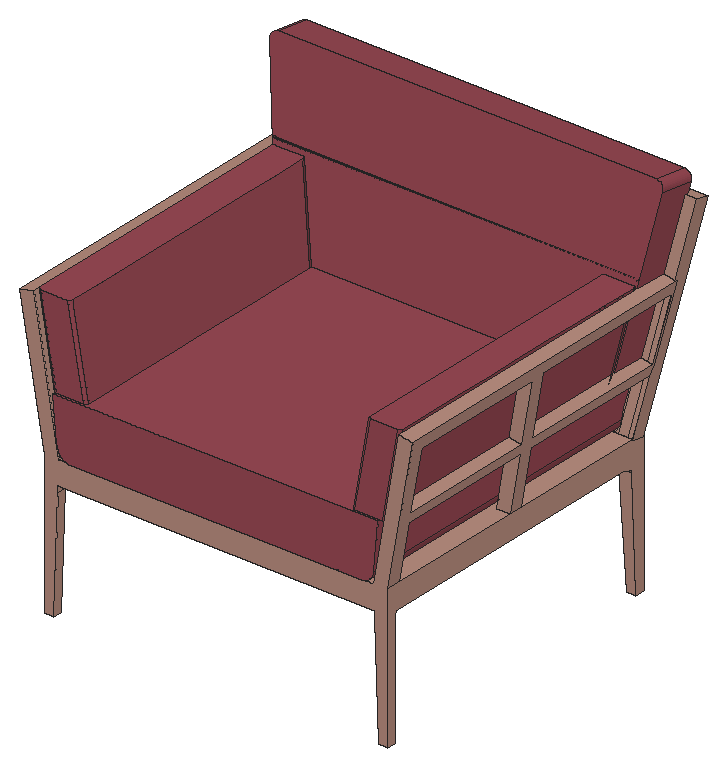
Revit family "Haworth_Janus_Slant_LoungeChair", category Furniture, Revit 2018
Family settings
  OmniClass Number = 23.40.20.00
  OmniClass Title = General Furniture and Specialties
  Work Plane-Based = No
  Always vertical = Yes
  Cut with Voids When Loaded = No
  Shared = No
  Room Calculation Point = No
Parameters (values of type "HCJC-SL-L1")
  With Seat Cushion = yes
  Width = "35 in."  # constant formula
  Warranty = "https://www.haworth.com/resources/product-info/warranties"
  URL - Product = "https://www.haworth.com/products/seating/outdoor/slant"
  URL = "http://www.haworth.com/our-brands/haworth-collection"
  Trim Finish [instance] = Haworth _ Paint _ Slant _ Mousse
  Size = "Verify Final Dim. w/ Haworth"  # constant formula
  Seat Bottom Finish [instance] = Haworth _ Fabric _ Tellure _ Tomato 3A-43
  Revision = "2"  # constant formula
  Model = "HCJC-SL-L1"
  Manufacturer = "Haworth"  # constant formula
  Frame = yes
  Depth = "30 in."  # constant formula
  Height = "30 in."  # constant formula
  Description = "Haworth - Janus - Slant - Lounge Chair"
  Cushion = yes
  Back Finish [instance] = Haworth _ Fabric _ Tellure _ Tomato 3A-43
  Author = "Haworth (Abd Rahman)"  # constant formula
  Assembly Code = "E2020200"
Reference planes (in)
  plane 1 "Center Front/Back": y = 0
  plane 2: z = 0
  plane 3 "Center Left/Right": x = 0
  plane 4: y = -14.03402
  plane 5: y = 12.95748
Nested families (in)
  nested 1: "Haworth_Janus_Slant_ Seat-Cushion_PART" at (-19.48621, 3.94832, -1.375), visible <- "With Seat Cushion", Cushion Finish <- "Seat Bottom Finish", type "HCJC-SL-CSSA-S - Cushion"
    with Cushion Finish Haworth _ Fabric _ Tellure _ Tomato 3A-43
  nested 2: "Haworth_Janus_Slant_Cushion_Back_PART" at (0.58889, -3.99535, -1.92188), Cushion Finish <- "Back Finish", visible <- "Cushion", type "HCJC-SL-CBSA-S - BackSide - Cushion"
    with Cushion Finish Haworth _ Fabric _ Tellure _ Tomato 3A-43
  nested 3: "Haworth_Janus_Slant_LoungeChair_Frame_PART" at (0.34702, 0.96797, 0), Frame Finish <- "Trim Finish", visible <- "Frame", type "HCJC-SL-SA - FRAME"
    with Frame Finish Haworth _ Paint _ Slant _ Mousse
Definition of nested family "Haworth_Janus_Slant_ Seat-Cushion_PART"
  Parameters (values of type "HCJC - SL - CSL1 - S - Cushion")
    Warranty = "https://www.haworth.com/resources/product-info/warranties"
    URL - Product = "https://www.haworth.com/products/tables/outdoor/slant"
    Model = "HCJC-SL-CSL1-S"  # constant formula
    Description = "Haworth_Slant_Seat-Seating_Cushion"
    URL = "http://www.haworth.com/our-brands/haworth-collection"
    Size = "Verify Final Dim. w/ Haworth"  # constant formula
    Revision Number = "1"  # constant formula
    Manufacturer = "Haworth"  # constant formula
    Cushion Width = 27"  # constant formula
    Cushion Finish [instance] = none
    Author = "Haworth (Abd Rahman)"  # constant formula
    Assembly Code = "E2020200"
    Actual Depth = 27"  # constant formula
  Reference planes (in)
    plane 1 "Center F/B": y = -4.48242
    plane 2: z = 0
    plane 3 "Center L/R": x = 19.75
    plane 4 "Top": z = 27.5
    plane 5 "Seat Top": z = 18.25
    plane 6: x = 6.25
    plane 7: x = 33.25
    plane 8: y = 9.01758
    plane 9: y = -17.98242
  Forms (in)
    Extrusion 1, solid, material <- "Cushion Finish"
      sketch origin (30.39258, -13.125, 16.78125) x (0, 0, -1) y (-1, 0, 0)
        loop
          line (-1.45984, 24.34561) -> (-1.45984, -3.06045) -> (2.46057, -2.78631)
          arc (2.46057, -2.78631) -> (3.17241, -2.44678) -> (3.46146, -1.71299) r 1.07594
          line (3.46146, -1.71299) -> (3.46146, 22.77458)
          arc (3.46146, 22.77458) -> (3.1325, 23.61967) -> (2.31878, 24.01996) r 1.25
          line (2.31878, 24.01996) -> (-1.45984, 24.34561)
      from -4.85742 to 22.14258
  Lines and regions (in)
    Masking region 1
      outline origin (0, 0, 0) x (1, 0, 0) y (0, 1, 0)
        loop
          line (6.35009, 9.01758) -> (6.35009, -17.98242) -> (33.25, -17.98242) -> (33.25, 9.01758) -> (6.35009, 9.01758)
  Dimensions and locks (in)
    locked: plane 4 "Top" to level at 27.5
    plane 5 "Seat Top" to level = 18 1/4"
    plane 5 "Seat Top" to plane 2 = 18 1/4"
    "Cushion Width": plane 6 to plane 7
    "Actual Depth": plane 8 to plane 9
    aligned and locked: plane 7 to Masking region 1 sketch curve
    aligned and locked: Masking region 1 sketch curve to plane 8
    aligned and locked: plane 9 to Masking region 1 sketch curve
  Automatic sketch dimensions
    Masking region 1 sketch curve to plane 3 "Center L/R" = 13.39991"
    Extrusion 1 sketch curve to plane 5 "Seat Top" = 0.00891"
    Extrusion 1 sketch curve to plane 5 "Seat Top" = 3.68021"
    Extrusion 1 sketch curve to plane 6 = 0.12261"
    Extrusion 1 sketch curve to Extrusion 1 sketch curve = 0.10733"
    plane 7 to Extrusion 1 sketch curve = 1.14443"
    plane 7 to Extrusion 1 sketch curve = 0.07111"
    Extrusion 1 sketch curve to Extrusion 1 sketch curve = 0.07505"
    Extrusion 1 sketch curve to plane 7 = 0.20303"
    plane 6 to Extrusion 1 sketch curve = 0.20303"
    Extrusion 1 sketch curve to plane 5 "Seat Top" = 3.85426"
Definition of nested family "Haworth_Janus_Slant_Cushion_Back_PART"
  Parameters (values of type "HCJC-SL-CBSA-S - BackSide - Cushion")
    Warranty = "https://www.haworth.com/resources/product-info/warranties"
    URL - Product = "https://www.haworth.com/products/seating/outdoor/slant"
    URL = "http://www.haworth.com/our-brands/haworth-collection"
    Size = "Verify Final Dim. w/ Haworth"  # constant formula
    Revision = "1"  # constant formula
    Model = "HCJC-SL-CBSA-S"  # constant formula
    Manufacturer = "Haworth"  # constant formula
    Description = "Haworth_Slant_BackSide_Cushion"
    Cushion Width = 33 7/32"  # constant formula
    Cushion Finish [instance] = none
    Cushion Depth = 29 1/2"  # constant formula
    Author = "Haworth (Abd Rahman)"  # constant formula
    Assembly Code = "E2020200"
  Reference planes (in)
    plane 1 "Center Front/Back": y = 4.61133
    plane 2: z = 0
    plane 3 "Center Left/Right": x = 0
    plane 4 "Cushion Seam Right": y = 16.53906
    plane 5 "Back Cushion 1": through (0, 14.11346, 18.85029) normal (0, 0.9864, -0.1644)
    plane 6 "Back Cushion 2": through (0, 12.34347, 25.97201) normal (0, 0.9864, -0.1644)
    plane 7: z = 33.84437
    plane 8: z = 17.93812
    plane 9: y = -10.03867
    plane 10: y = 19.46133
    plane 11: x = -16.84632
    plane 12: x = 16.37243
  Forms (in)
    Extrusion 1, solid, material <- "Cushion Finish"
      sketch origin (0, 10.58787, -2.30322) x (0, -0.164399, -0.986394) y (-1, 0, 0)
        loop
          line (-36.62851, 16.16201) -> (-36.62851, -15.71265)
          arc (-36.62851, -15.71265) -> (-36.39053, -16.22614) -> (-35.84491, -16.37647) r 0.67297
          line (-35.84491, -16.37647) -> (-21.2946, -13.95141)
          arc (-21.2946, -13.95141) -> (-21.10321, -13.8427) -> (-21.02744, -13.63604) r 0.31972
          line (-21.02744, -13.63604) -> (-21.02744, 14.04938)
          arc (-21.02744, 14.04938) -> (-21.12014, 14.30224) -> (-21.35432, 14.43525) r 0.39119
          line (-21.35432, 14.43525) -> (-35.82072, 16.84632)
          arc (-35.82072, 16.84632) -> (-36.38319, 16.69135) -> (-36.62851, 16.16201) r 0.69375
      from 2.8865 to -0.1135
    Blend 2, solid, material <- "Cushion Finish"
      base sketch origin (3.125, 0.5625, 0) x (1, 0, 0) y (0, 1, 0)
        loop
          arc (8.1938, 13.41034) -> (8.01702, 13.33712) -> (7.9438, 13.16034) r 0.25
          line (7.9438, 13.16034) -> (7.9438, -10.16367)
          arc (7.9438, -10.16367) -> (8.01702, -10.34045) -> (8.1938, -10.41367) r 0.25
          line (8.1938, -10.41367) -> (10.5249, -10.41367)
          arc (10.5249, -10.41367) -> (10.70167, -10.34045) -> (10.7749, -10.16367) r 0.25
          line (10.7749, -10.16367) -> (10.7749, 13.16034)
          arc (10.7749, 13.16034) -> (10.70167, 13.33712) -> (10.5249, 13.41034) r 0.25
          line (10.5249, 13.41034) -> (8.1938, 13.41034)
      top sketch origin (3.125, 0.5625, 0) x (1, 0, 0) y (0, 1, 0)
        loop
          arc (9.54538, 14.43465) -> (9.36868, 14.36151) -> (9.29538, 14.18488) r 0.25
          line (9.29538, 14.18488) -> (9.27229, -10.16343)
          arc (9.27229, -10.16343) -> (9.34543, -10.34036) -> (9.52229, -10.41367) r 0.25
          line (9.52229, -10.41367) -> (11.79798, -10.41367)
          arc (11.79798, -10.41367) -> (11.97467, -10.34053) -> (12.04798, -10.16391) r 0.25
          line (12.04798, -10.16391) -> (12.07106, 14.18441)
          arc (12.07106, 14.18441) -> (11.99792, 14.36134) -> (11.82106, 14.43465) r 0.25
          line (11.82106, 14.43465) -> (9.54538, 14.43465)
      from 18.78758 to 26.14484
    Sweep 3, void
      path origin (0, 10.66463, -1.84271) x (0, -0.164399, -0.986394) y (-1, 0, 0)
        loop
          line (-27.99974, 15.62063) -> (-27.99974, -15.14675)
      profile origin (-0.23694, 15.26775, 25.77607) x (0, -0.164399, -0.986394) y (0, 0.986394, -0.164399)
        loop
          arc (-0.07611, 2.78205) -> (-0.05703, 2.84623) -> (-0.01191, 2.89571) r 0.14996
          line (-0.01191, 2.89571) -> (-0.14032, 2.89571)
          arc (-0.14032, 2.89571) -> (-0.0952, 2.84623) -> (-0.07611, 2.78205) r 0.14996
    Sweep 4, void
      path origin (0, 10.66609, -1.1701) x (0, -0.164399, -0.986394) y (1, 0, 0)
        loop
          line (-27.99974, -15.71883) -> (-27.99974, 15.19947)
      profile origin (-0.25968, 15.26922, 26.44867) x (0, 0.164399, 0.986394) y (0, -0.986394, 0.164399)
        loop
          arc (0.07611, -0.09686) -> (0.0952, -0.03268) -> (0.14032, 0.0168) r 0.14996
          line (0.14032, 0.0168) -> (0.01191, 0.0168)
          arc (0.01191, 0.0168) -> (0.05703, -0.03268) -> (0.07611, -0.09686) r 0.14996
    Blend 5, solid, material <- "Cushion Finish"
      base sketch origin (-3.4375, 0.5625, 0) x (-1, 0, 0) y (0, -1, 0)
        loop
          line (8.18507, -13.41034) -> (10.51617, -13.41034)
          arc (10.51617, -13.41034) -> (10.69295, -13.33712) -> (10.76617, -13.16034) r 0.25
          line (10.76617, -13.16034) -> (10.76617, 10.16367)
          arc (10.76617, 10.16367) -> (10.69295, 10.34045) -> (10.51617, 10.41367) r 0.25
          line (10.51617, 10.41367) -> (8.18507, 10.41367)
          arc (8.18507, 10.41367) -> (8.00829, 10.34045) -> (7.93507, 10.16367) r 0.25
          line (7.93507, 10.16367) -> (7.93507, -13.16034)
          arc (7.93507, -13.16034) -> (8.00829, -13.33712) -> (8.18507, -13.41034) r 0.25
      top sketch origin (-3.4375, 0.5625, 0) x (-1, 0, 0) y (0, -1, 0)
        loop
          line (9.53665, -14.43465) -> (11.81233, -14.43465)
          arc (11.81233, -14.43465) -> (11.98919, -14.36134) -> (12.06233, -14.18441) r 0.25
          line (12.06233, -14.18441) -> (12.03925, 10.16391)
          arc (12.03925, 10.16391) -> (11.96595, 10.34053) -> (11.78925, 10.41367) r 0.25
          line (11.78925, 10.41367) -> (9.51357, 10.41367)
          arc (9.51357, 10.41367) -> (9.3367, 10.34036) -> (9.26357, 10.16343) r 0.25
          line (9.26357, 10.16343) -> (9.28665, -14.18488)
          arc (9.28665, -14.18488) -> (9.35995, -14.36151) -> (9.53665, -14.43465) r 0.25
      from 18.78758 to 26.14484
  Cuts and joins
    Sweep 3, Sweep 4 cuts Extrusion 1
  Lines and regions (in)
    Masking region 1
      outline origin (0, 0, 0) x (1, 0, 0) y (0, 1, 0)
        loop
          line (-16.84632, 19.46133) -> (-16.84632, 16.53906) -> (16.37243, 16.53906) -> (16.37243, 19.46133) -> (-16.84632, 19.46133)
    Masking region 2
      outline origin (0, 0, 0) x (1, 0, 0) y (0, 1, 0)
        loop
          line (-14.99993, -10.03867) -> (-13.13726, -10.03867)
          arc (-13.13726, -10.03867) -> (-12.7837, -9.89223) -> (-12.63726, -9.53867) r 0.5
          line (-12.63726, -9.53867) -> (-12.63726, 14.55965)
          arc (-12.63726, 14.55965) -> (-12.71048, 14.73642) -> (-12.88726, 14.80965) r 0.25
          line (-12.88726, 14.80965) -> (-15.24993, 14.80965)
          arc (-15.24993, 14.80965) -> (-15.4267, 14.73642) -> (-15.49993, 14.55965) r 0.25
          line (-15.49993, 14.55965) -> (-15.49993, -9.53867)
          arc (-15.49993, -9.53867) -> (-15.35348, -9.89223) -> (-14.99993, -10.03867) r 0.5
        loop
          arc (14.68743, -10.03867) -> (15.04098, -9.89223) -> (15.18743, -9.53867) r 0.5
          line (15.18743, -9.53867) -> (15.18743, 14.55965)
          arc (15.18743, 14.55965) -> (15.1142, 14.73642) -> (14.93743, 14.80965) r 0.25
          line (14.93743, 14.80965) -> (12.57476, 14.80965)
          arc (12.57476, 14.80965) -> (12.39798, 14.73642) -> (12.32476, 14.55965) r 0.25
          line (12.32476, 14.55965) -> (12.32476, -9.53867)
          arc (12.32476, -9.53867) -> (12.4712, -9.89223) -> (12.82476, -10.03867) r 0.5
          line (12.82476, -10.03867) -> (14.68743, -10.03867)
    Masking region 3
      outline origin (0, 0, 0) x (1, 0, 0) y (0, 1, 0)
        loop
          line (11.07872, 13.5938) -> (11.07872, -9.78867)
          arc (11.07872, -9.78867) -> (11.15194, -9.96545) -> (11.32872, -10.03867) r 0.25
          line (11.32872, -10.03867) -> (12.82476, -10.03867)
          arc (12.82476, -10.03867) -> (12.4712, -9.89223) -> (12.32476, -9.53867) r 0.5
          line (12.32476, -9.53867) -> (12.32476, 14.55965) -> (11.07872, 13.5938)
        loop
          line (-11.39122, 13.5938) -> (-12.63726, 14.55965) -> (-12.63726, -9.53867)
          arc (-12.63726, -9.53867) -> (-12.7837, -9.89223) -> (-13.13726, -10.03867) r 0.5
          line (-13.13726, -10.03867) -> (-11.64122, -10.03867)
          arc (-11.64122, -10.03867) -> (-11.46444, -9.96545) -> (-11.39122, -9.78867) r 0.25
          line (-11.39122, -9.78867) -> (-11.39122, 13.5938)
    Masking region 4
      outline origin (0, 0, 0) x (1, 0, 0) y (0, 1, 0)
        loop
          line (16.37243, 16.3841) -> (16.37243, 16.53906) -> (-16.84092, 16.53906) -> (-16.84092, 16.40064) -> (-15.24993, 14.80965) -> (-12.88726, 14.80965)
          arc (-12.88726, 14.80965) -> (-12.71048, 14.73642) -> (-12.63726, 14.55965) r 0.25
          line (-12.63726, 14.55965) -> (-11.39528, 13.59695) -> (11.08278, 13.59695) -> (12.32476, 14.55965)
          arc (12.32476, 14.55965) -> (12.39798, 14.73642) -> (12.57476, 14.80965) r 0.25
          line (12.57476, 14.80965) -> (14.79798, 14.80965) -> (16.37243, 16.3841)
  Dimensions and locks (in)
    plane 7 to plane 8 = 15 29/32"
    "Cushion Depth": plane 9 to plane 10
    "Cushion Width": plane 11 to plane 12
    aligned and locked: Masking region 1 sketch curve to plane 10
    aligned and locked: Masking region 1 sketch curve to plane 11
    aligned and locked: plane 12 to Masking region 1 sketch curve
    aligned and locked: Masking region 1 sketch curve to plane 4 "Cushion Seam Right"
  Automatic sketch dimensions
    Extrusion 1 sketch curve to Extrusion 1 sketch curve = 0.67297"
    Extrusion 1 sketch curve to Extrusion 1 sketch curve = 0.69375"
    Extrusion 1 sketch curve to Extrusion 1 sketch curve = 0.11064"
    Extrusion 1 sketch curve to Extrusion 1 sketch curve = 14.51614"
    Extrusion 1 sketch curve to Extrusion 1 sketch curve = 0.06431"
    Extrusion 1 sketch curve to Extrusion 1 sketch curve = 0.31972"
    Extrusion 1 sketch curve to Extrusion 1 sketch curve = 0.05256"
    plane 5 "Back Cushion 1" to Sweep 3 sketch curve = 2.77247"  (x2)
    profile plane to Sweep 3 sketch curve = 0.22577"
    plane 5 "Back Cushion 1" to Sweep 3 sketch curve = 2.89571"
    profile plane to Sweep 3 sketch curve = 0.14032"
    profile plane to Sweep 3 sketch curve = 0.01191"
    Sweep 3 sketch curve to profile plane = 0.07354"
    profile plane to Sweep 4 sketch curve = 0.07354"
    Sweep 4 sketch curve to profile plane = 0.01191"
    profile plane to Sweep 4 sketch curve = 0.0168"
    Sweep 4 sketch curve to Sweep 4 sketch curve = 0.12842"
    Sweep 4 sketch curve to Sweep 4 sketch curve = 0.08545"
    Sweep 4 sketch curve to profile plane = 0.10644"  (x2)
    Blend 2 sketch curve to Blend 2 sketch curve = 1/4"  (x9)
    plane 4 "Cushion Seam Right" to Blend 2 sketch curve = 2.81622"
    Blend 2 sketch curve to Blend 2 sketch curve = 0.24976"
    plane 4 "Cushion Seam Right" to Blend 2 sketch curve = 1.79215"
    Blend 2 sketch curve to Blend 2 sketch curve = 0.00024"
    Blend 5 sketch curve to Blend 5 sketch curve = 1/4"  (x9)
    Blend 5 sketch curve to plane 4 "Cushion Seam Right" = 2.81622"
    Blend 5 sketch curve to Blend 5 sketch curve = 0.24976"
    Blend 5 sketch curve to plane 4 "Cushion Seam Right" = 1.79215"
    Blend 5 sketch curve to Blend 5 sketch curve = 0.00024"
    Extrusion 1 sketch curve to plane 11 = 0"
    Extrusion 1 sketch curve to plane 11 = 0.68431"
    Extrusion 1 sketch curve to Extrusion 1 sketch curve = 14.49774"
    Extrusion 1 sketch curve to plane 11 = 2.79693"
    Sweep 3 sketch curve to plane 11 = 1.22568"
    Sweep 4 sketch curve to plane 11 = 1.12748"
    plane 11 to Blend 5 sketch curve = 5.47375"
    Blend 5 sketch curve to Blend 5 sketch curve = 2.3311"  (x2)
    plane 11 to Blend 5 sketch curve = 4.14525"
    plane 11 to Blend 5 sketch curve = 4.12217"
    plane 11 to Blend 5 sketch curve = 1.61956"
    plane 11 to Blend 5 sketch curve = 1.59648"
    plane 12 to Extrusion 1 sketch curve = 2.73639"
    plane 12 to Extrusion 1 sketch curve = 0.65978"
    plane 12 to Blend 2 sketch curve = 5.30364"
    Blend 2 sketch curve to Blend 2 sketch curve = 2.3311"  (x2)
    plane 12 to Blend 2 sketch curve = 3.97514"
    plane 12 to Blend 2 sketch curve = 3.95206"
    plane 12 to Blend 2 sketch curve = 1.44945"
    plane 12 to Blend 2 sketch curve = 1.42637"
    plane 12 to Sweep 3 sketch curve = 1.22568"
    plane 12 to Sweep 4 sketch curve = 1.17297"
    plane 9 to Masking region 2 sketch curve = 0"  (x2)
    Masking region 2 sketch curve to plane 11 = 1.34639"
    Masking region 2 sketch curve to Masking region 2 sketch curve = 1/4"  (x3)
    Masking region 2 sketch curve to Masking region 2 sketch curve = 1/2"  (x3)
    Masking region 2 sketch curve to plane 9 = 1/2"
    Masking region 2 sketch curve to Masking region 2 sketch curve = 1.86267"
    plane 12 to Masking region 2 sketch curve = 4.04768"
    plane 12 to Masking region 2 sketch curve = 1.68501"
    plane 12 to Masking region 2 sketch curve = 1.43501"
    plane 4 "Cushion Seam Right" to Masking region 2 sketch curve = 1.97942"  (x2)
    plane 9 to Masking region 3 sketch curve = 0"  (x4)
    Masking region 3 sketch curve to plane 9 = 1/2"  (x2)
    Masking region 3 sketch curve to plane 11 = 3.70906"
    Masking region 3 sketch curve to plane 9 = 1/4"  (x2)
    Masking region 3 sketch curve to Masking region 3 sketch curve = 0.99604"  (x2)
    plane 12 to Masking region 3 sketch curve = 5.29372"
    plane 4 "Cushion Seam Right" to Masking region 3 sketch curve = 2.94526"  (x2)
    Masking region 3 sketch curve to Masking region 3 sketch curve = 0.96585"  (x2)
    Masking region 3 sketch curve to Masking region 3 sketch curve = 0"  (x2)
    Blend 2 sketch curve to plane 9 = 3/16"  (x2)
    plane 9 to Blend 5 sketch curve = 3/16"  (x2)
    Masking region 4 sketch curve to plane 12 = 0"
    plane 4 "Cushion Seam Right" to Masking region 4 sketch curve = 0"
    plane 12 to Masking region 4 sketch curve = 1.57446"
    Masking region 4 sketch curve to Masking region 4 sketch curve = 2.22322"
    Masking region 4 sketch curve to Masking region 4 sketch curve = 1/4"  (x2)
    Masking region 4 sketch curve to Masking region 4 sketch curve = 1.24198"  (x2)
    Masking region 4 sketch curve to plane 11 = 5.45104"
    plane 4 "Cushion Seam Right" to Masking region 4 sketch curve = 1.97942"
    Masking region 4 sketch curve to plane 11 = 1.59639"
    Masking region 4 sketch curve to plane 11 = 0.0054"
    Masking region 4 sketch curve to Masking region 4 sketch curve = 0.9627"  (x2)
    plane 4 "Cushion Seam Right" to Masking region 4 sketch curve = 0.13843"
    plane 4 "Cushion Seam Right" to Masking region 4 sketch curve = 0.15496"
Definition of nested family "Haworth_Janus_Slant_LoungeChair_Frame_PART"
  Parameters (values of type "HCJC-SL-SA - FRAME")
    Warranty = "https://www.haworth.com/resources/product-info/warranties"
    URL - Product = "https://www.haworth.com/products/seating/outdoor/slant"
    URL = "http://www.haworth.com/our-brands/haworth-collection"
    Size = "Verify Final Dim. w/ Haworth"  # constant formula
    Revision = "2"  # constant formula
    Model = "HCJC-SL-SA"
    Manufacturer = "Haworth"  # constant formula
    Frame Finish [instance] = none
    Description = "Haworth Slant Chair with Arms - Frame"
    Author = "Haworth (Abd Rahman)"  # constant formula
    Assembly Code = "E2020200"
    Arm Height = 25 1/4"  # constant formula
    Actual Width = 35"  # constant formula
    Actual Height = 30"  # constant formula
    Actual Depth = 30"  # constant formula
  Reference planes (in)
    plane 1 "Center Front/Back": y = 0
    plane 2: z = 0
    plane 3 "Center Left/Right": x = 0
    plane 4 "Back Seat": through (0, 13.32342, 31.17686) normal (0, -0.9864, 0.1644)
    plane 5 "Front Seat": through (0, 12.13592, 31.17686) normal (0, -0.9864, 0.1644)
    plane 6 "Top Arm": z = 25.25
    plane 7 "Bottom Arm": z = 12.00176
    plane 8 "Right Arm 1": through (17.17834, -180, 27.84367) normal (-0.9848, 0, 0.1736)
    plane 9 "Bottom Seat": z = 10.00473
    plane 10 "Front Arm": y = -15
    plane 11: through (13.67411, -180, 13.96966) normal (-0.9848, 0, 0.1736)
    plane 12: z = 30
    plane 13: x = 17.5
    plane 14: x = -17.5
    plane 15: y = 15
  Forms (in)
    Extrusion 1, solid, material <- "Frame Finish"
      sketch origin (-0.02614, 7.90805, -1.31412) x (0, 0.164405, 0.986393) y (-1, 0, 0)
        loop
          line (31.78192, -17.56943) -> (31.78192, 17.49985) -> (13.48379, 14.47389) -> (13.48379, -14.54347) -> (31.78192, -17.56943)
        loop
          line (30.49135, -15.79686) -> (30.49135, -0.59055) -> (25.57709, -0.59055) -> (25.57709, -15.07116)
          arc (25.57709, -15.07116) -> (25.63652, -15.23297) -> (25.78654, -15.31785) r 0.25
          line (25.78654, -15.31785) -> (30.2008, -16.04355)
          arc (30.2008, -16.04355) -> (30.40316, -15.98744) -> (30.49135, -15.79686) r 0.25
        loop
          line (24.39802, -14.84055) -> (24.39802, -0.59055) -> (19.56254, -0.59055) -> (19.56254, -14.31624) -> (24.14541, -15.07411)
          arc (24.14541, -15.07411) -> (24.32279, -15.01257) -> (24.39802, -14.84055) r 0.23428
        loop
          line (18.587, -0.55055) -> (13.56018, -0.55055) -> (13.56018, -12.73585)
          arc (13.56018, -12.73585) -> (13.59154, -12.93939) -> (13.68271, -13.12405) r 0.6762
          line (13.68271, -13.12405) -> (18.587, -14.09767) -> (18.587, -0.55055)
        loop
          arc (30.49135, 16.05705) -> (30.40316, 16.24763) -> (30.2008, 16.30374) r 0.25
          line (30.2008, 16.30374) -> (25.78654, 15.57804)
          arc (25.78654, 15.57804) -> (25.63652, 15.49316) -> (25.57709, 15.33135) r 0.25
          line (25.57709, 15.33135) -> (25.57709, 0.59055) -> (30.49135, 0.59055) -> (30.49135, 16.05705)
        loop
          arc (24.41924, 14.79537) -> (24.33129, 14.98616) -> (24.12888, 15.04239) r 0.24983
          line (24.12888, 15.04239) -> (19.56254, 14.29169) -> (19.56254, 0.52805) -> (24.41924, 0.52805) -> (24.41924, 14.79537)
        loop
          line (18.462, 0.55055) -> (18.462, 14.1167) -> (13.77998, 13.34244)
          arc (13.77998, 13.34244) -> (13.64766, 13.27946) -> (13.56908, 13.15576) r 0.26484
          line (13.56908, 13.15576) -> (13.56908, 0.55055) -> (18.462, 0.55055)
      from -1.83403 to -0.73271
    Extrusion 2, solid, material <- "Frame Finish"
      sketch origin (0, 0, 10.00473) x (-1, 0, 0) y (0, -1, 0)
        loop
          line (14.51733, 15) -> (-14.51733, 15) -> (-14.51733, -11.98441) -> (14.51733, -11.98441) -> (14.51733, 15)
        loop
          line (-12.1613, 13.8583) -> (-12.02391, -10.83312) -> (-1.18, -10.83312) -> (-1.18, 13.8583) -> (-12.1613, 13.8583)
        loop
          line (12.14733, 13.8583) -> (1.18, 13.8583) -> (1.18, -10.83312) -> (12.14733, -10.83312) -> (12.14733, 13.8583)
      from 0 to 1.99703
    Extrusion 3, solid, material <- "Frame Finish"
      sketch origin (-3.25, 0, 0) x (0, 1, 0) y (0, 0, -1)
        loop
          line (-15, -12.00176) -> (11.98619, -12.00176) -> (11.99282, 0) -> (11.16695, 0) -> (10.77332, -9.53055)
          arc (10.77332, -9.53055) -> (10.33172, -9.88008) -> (9.7825, -10.00473) r 1.27227
          line (9.7825, -10.00473) -> (-14.15708, -10.00473)
          arc (-14.15708, -10.00473) -> (-14.23181, -9.93693) -> (-14.2595, -9.8399) r 0.18384
          line (-14.2595, -9.8399) -> (-14.2595, 0) -> (-15, 0) -> (-15, -12.00176)
      from 10.1181 to 11.28148
    Extrusion 4, solid, material <- "Frame Finish"
      sketch origin (8.50434, 0, -1.49955) x (-0.173648, 0, -0.984808) y (0, -1, 0)
        loop
          line (-26.34804, -12.90379) -> (-13.71096, -10.8261) -> (-13.71096, 15) -> (-26.34804, 15) -> (-26.34804, -12.90379)
        loop
          line (-19.98848, 13.86521) -> (-24.99452, 13.86521)
          arc (-24.99452, 13.86521) -> (-25.20012, 13.78005) -> (-25.28528, 13.57445) r 0.29076
          line (-25.28528, 13.57445) -> (-25.28528, 2.07716)
          arc (-25.28528, 2.07716) -> (-25.27357, 2.04891) -> (-25.24532, 2.0372) r 0.03996
          line (-25.24532, 2.0372) -> (-19.98848, 2.0372) -> (-19.98848, 13.86521)
        loop
          line (-19.2367, 13.86521) -> (-19.2367, 2.0372) -> (-13.74572, 2.0372) -> (-13.74572, 13.50597)
          arc (-13.74572, 13.50597) -> (-13.85094, 13.75999) -> (-14.10496, 13.86521) r 0.35924
          line (-14.10496, 13.86521) -> (-19.2367, 13.86521)
        loop
          line (-13.73703, 0.99177) -> (-19.2367, 0.99177) -> (-19.2367, -11.68861) -> (-13.94466, -10.81854)
          arc (-13.94466, -10.81854) -> (-13.8243, -10.76951) -> (-13.73703, -10.67322) r 0.29272
          line (-13.73703, -10.67322) -> (-13.73703, 0.99177)
        loop
          line (-25.41179, 0.99177) -> (-25.41179, -12.35637)
          arc (-25.41179, -12.35637) -> (-25.34381, -12.55281) -> (-25.16893, -12.66521) r 0.31781
          line (-25.16893, -12.66521) -> (-19.98848, -11.81348) -> (-19.98848, 0.99177) -> (-25.41179, 0.99177)
      from -2.40502 to -3.55418
    Extrusion 5, solid, material <- "Frame Finish"
      sketch origin (-8.50434, 0, -1.49955) x (0.173648, 0, -0.984808) y (0, 1, 0)
        loop
          line (-26.34804, 12.90379) -> (-26.34804, -15) -> (-13.71096, -15) -> (-13.71096, 10.8261) -> (-26.34804, 12.90379)
        loop
          line (-19.98848, -13.86521) -> (-19.98848, -2.0372) -> (-25.24532, -2.0372)
          arc (-25.24532, -2.0372) -> (-25.27357, -2.04891) -> (-25.28528, -2.07716) r 0.03996
          line (-25.28528, -2.07716) -> (-25.28528, -13.57445)
          arc (-25.28528, -13.57445) -> (-25.20012, -13.78005) -> (-24.99452, -13.86521) r 0.29076
          line (-24.99452, -13.86521) -> (-19.98848, -13.86521)
        loop
          line (-19.2367, -13.86521) -> (-14.10496, -13.86521)
          arc (-14.10496, -13.86521) -> (-13.85094, -13.75999) -> (-13.74572, -13.50597) r 0.35924
          line (-13.74572, -13.50597) -> (-13.74572, -2.0372) -> (-19.2367, -2.0372) -> (-19.2367, -13.86521)
        loop
          line (-13.73703, -0.99177) -> (-13.73703, 10.67322)
          arc (-13.73703, 10.67322) -> (-13.8243, 10.76951) -> (-13.94466, 10.81854) r 0.29272
          line (-13.94466, 10.81854) -> (-19.2367, 11.68861) -> (-19.2367, -0.99177) -> (-13.73703, -0.99177)
        loop
          line (-25.41179, -0.99177) -> (-19.98848, -0.99177) -> (-19.98848, 11.81348) -> (-25.16893, 12.66521)
          arc (-25.16893, 12.66521) -> (-25.34381, 12.55281) -> (-25.41179, 12.35637) r 0.31781
          line (-25.41179, 12.35637) -> (-25.41179, -0.99177)
      from -2.40502 to -3.54749
    Extrusion 6, solid, material <- "Frame Finish"
      sketch origin (3.25, 0, 0) x (0, 1, 0) y (0, 0, 1)
        loop
          line (-15, 12.00176) -> (-15, 0) -> (-14.2595, 0) -> (-14.2595, 9.8399)
          arc (-14.2595, 9.8399) -> (-14.23181, 9.93693) -> (-14.15708, 10.00473) r 0.18384
          line (-14.15708, 10.00473) -> (9.7825, 10.00473)
          arc (9.7825, 10.00473) -> (10.33172, 9.88008) -> (10.77332, 9.53055) r 1.27227
          line (10.77332, 9.53055) -> (11.16695, 0) -> (11.99282, 0) -> (11.98619, 12.00176) -> (-15, 12.00176)
      from 10.15283 to 11.28148
    Extrusion 7, void
      sketch origin (0, 0, 0) x (1, 0, 0) y (0, 0, 1)
        loop
          line (13.71652, 0) -> (13.42643, 9.53055) -> (12.25, 9.53055) -> (12.25, 0) -> (13.71652, 0)
      from -12.83284 to 16
    Extrusion 8, void
      sketch origin (0, 0, 0) x (1, 0, 0) y (0, 0, 1)
        loop
          line (-13.43084, 9.53055) -> (-13.72093, 0) -> (-12.75, 0) -> (-12.75, 9.53055) -> (-13.43084, 9.53055)
      from -12.83284 to 16
  Cuts and joins
    Extrusion 8 cuts Extrusion 2
    Extrusion 8 cuts Extrusion 3
    Extrusion 7 cuts Extrusion 6
    joined: Extrusion 2, Extrusion 3, Extrusion 4, Extrusion 5, Extrusion 6
  Lines and regions (in)
    Masking region 1
      outline origin (0, 0, 28.87474) x (-1, 0, 0) y (0, -1, 0)
        loop
          line (17.5, -14.94223) -> (17.5, -13.8559) -> (16.4741, -13.8559) -> (16.4741, 15) -> (-16.4741, 15) -> (-16.4741, -13.8559) -> (-17.5, -13.8559) -> (-17.5, -14.94223) -> (17.5, -14.94223)
  Dimensions and locks (in)
    plane 12 to plane 2 = 30"
    "Actual Width": plane 14 to plane 13
    "Actual Depth": plane 15 to plane 10 "Front Arm"
    "Arm Height": plane 6 "Top Arm" to plane 2
    "Actual Height": plane 12 to plane 2
    aligned and locked: plane 7 "Bottom Arm" to Extrusion 2
    aligned and locked: Extrusion 2 to plane 9 "Bottom Seat"
    aligned and locked: Extrusion 2 sketch curve to plane 10 "Front Arm"
    aligned and locked: plane 7 "Bottom Arm" to cut or joined group of Extrusion 2, Extrusion 3, Extrusion 4, Extrusion 5, Extrusion 6, Extrusion 7, Extrusion 8
    aligned and locked: plane 11 to Extrusion 4
    aligned and locked: Extrusion 2 sketch curve to Extrusion 2 sketch curve
    aligned and locked: Extrusion 1 to Masking region 1 sketch curve  (x2)
    aligned and locked: plane 13 to Masking region 1 sketch curve
  Automatic sketch dimensions
    Extrusion 4 sketch curve to plane 10 "Front Arm" = 0"
    Extrusion 4 sketch curve to Extrusion 4 sketch curve = 0.93625"
    Extrusion 4 sketch curve to Extrusion 4 sketch curve = 0.12652"
    Extrusion 4 sketch curve to Extrusion 4 sketch curve = 0.03996"
    Extrusion 4 sketch curve to plane 15 = 2.33479"
    Extrusion 4 sketch curve to Extrusion 4 sketch curve = 0.24286"
    Extrusion 4 sketch curve to Extrusion 4 sketch curve = 0.31781"
    Extrusion 4 sketch curve to Extrusion 4 sketch curve = 0.29076"
    plane 10 "Front Arm" to Extrusion 4 sketch curve = 1.13479"
    Extrusion 4 sketch curve to Extrusion 4 sketch curve = 5.00604"
    Extrusion 4 sketch curve to Extrusion 4 sketch curve = 0"  (x2)
    Extrusion 4 sketch curve to Extrusion 4 sketch curve = 0.75178"  (x2)
    plane 10 "Front Arm" to Extrusion 4 sketch curve = 1.49403"
    Extrusion 4 sketch curve to Extrusion 4 sketch curve = 5.13174"
    Extrusion 4 sketch curve to Extrusion 4 sketch curve = 5.24456"
    Extrusion 4 sketch curve to plane 15 = 4.18146"
    Extrusion 4 sketch curve to Extrusion 4 sketch curve = 0.04749"
    Extrusion 4 sketch curve to Extrusion 4 sketch curve = 0.00869"
    Extrusion 4 sketch curve to Extrusion 4 sketch curve = 0.02607"
    Extrusion 4 sketch curve to Extrusion 4 sketch curve = 0.54743"
    Extrusion 4 sketch curve to plane 15 = 3.18652"
    Extrusion 4 sketch curve to Extrusion 4 sketch curve = 0.12487"
    Extrusion 4 sketch curve to Extrusion 4 sketch curve = 0.00757"
    Extrusion 4 sketch curve to Extrusion 4 sketch curve = 0.15289"
    plane 1 "Center Front/Back" to Extrusion 4 sketch curve = 0.99177"  (x2)
    Extrusion 5 sketch curve to plane 10 "Front Arm" = 0"
    Extrusion 5 sketch curve to Extrusion 5 sketch curve = 0.93625"
    Extrusion 5 sketch curve to Extrusion 5 sketch curve = 0.12652"
    Extrusion 5 sketch curve to Extrusion 5 sketch curve = 0.03996"
    Extrusion 5 sketch curve to plane 15 = 2.33479"
    Extrusion 5 sketch curve to Extrusion 5 sketch curve = 0.24286"
    Extrusion 5 sketch curve to Extrusion 5 sketch curve = 0.31781"
    Extrusion 5 sketch curve to Extrusion 5 sketch curve = 0.29076"
    plane 10 "Front Arm" to Extrusion 5 sketch curve = 1.13479"
    Extrusion 5 sketch curve to Extrusion 5 sketch curve = 5.00604"
    Extrusion 5 sketch curve to Extrusion 5 sketch curve = 0"  (x2)
    Extrusion 5 sketch curve to Extrusion 5 sketch curve = 0.75178"  (x2)
    plane 10 "Front Arm" to Extrusion 5 sketch curve = 1.49403"
    Extrusion 5 sketch curve to Extrusion 5 sketch curve = 5.13174"
    Extrusion 5 sketch curve to Extrusion 5 sketch curve = 5.24456"
    Extrusion 5 sketch curve to plane 15 = 4.18146"
    Extrusion 5 sketch curve to Extrusion 5 sketch curve = 0.04749"
    plane 1 "Center Front/Back" to Extrusion 5 sketch curve = 2.0372"
    Extrusion 5 sketch curve to Extrusion 5 sketch curve = 5.49098"
    Extrusion 5 sketch curve to Extrusion 5 sketch curve = 0.00869"
    Extrusion 5 sketch curve to Extrusion 5 sketch curve = 0.02607"
    plane 1 "Center Front/Back" to Extrusion 5 sketch curve = 2.07716"
    plane 1 "Center Front/Back" to Extrusion 5 sketch curve = 0.99177"
    Extrusion 5 sketch curve to Extrusion 5 sketch curve = 0.28884"
    Extrusion 5 sketch curve to Extrusion 5 sketch curve = 0.15289"
    Extrusion 5 sketch curve to plane 15 = 3.31139"
    Extrusion 5 sketch curve to Extrusion 5 sketch curve = 0.12487"
    Extrusion 5 sketch curve to Extrusion 5 sketch curve = 0.54743"
    Extrusion 7 sketch curve to plane 9 "Bottom Seat" = 0.47418"
    Extrusion 7 sketch curve to Extrusion 7 sketch curve = 1.17643"
    Extrusion 7 sketch curve to level = 0"
    Extrusion 7 sketch curve to Extrusion 7 sketch curve = 1.46652"
    plane 13 to Extrusion 7 sketch curve = 3.78348"
    plane 14 to Extrusion 8 sketch curve = 3.77907"
    Extrusion 8 sketch curve to plane 9 "Bottom Seat" = 0.47418"
    Extrusion 8 sketch curve to Extrusion 8 sketch curve = 0.97093"
    Extrusion 8 sketch curve to level = 0"
    Extrusion 8 sketch curve to Extrusion 8 sketch curve = 0.68084"
    plane 14 to Extrusion 1 sketch curve = 2.99997"
    plane 3 "Center Left/Right" to Extrusion 1 sketch curve = 0.52441"
    Extrusion 1 sketch curve to Extrusion 1 sketch curve = 0.07639"
    Extrusion 1 sketch curve to Extrusion 1 sketch curve = 0.0089"
    plane 14 to Extrusion 1 sketch curve = 4.13142"
    Extrusion 1 sketch curve to Extrusion 1 sketch curve = 0.2109"
    Extrusion 1 sketch curve to Extrusion 1 sketch curve = 0.25411"
    Extrusion 1 sketch curve to Extrusion 1 sketch curve = 0.6762"
    Extrusion 1 sketch curve to Extrusion 1 sketch curve = 4.68202"
    plane 13 to Extrusion 1 sketch curve = 3.42846"
    Extrusion 1 sketch curve to Extrusion 1 sketch curve = 4.35063"
    plane 14 to Extrusion 1 sketch curve = 3.18217"
    Extrusion 1 sketch curve to Extrusion 1 sketch curve = 1.10053"
    plane 13 to Extrusion 1 sketch curve = 3.2099"
    Extrusion 1 sketch curve to Extrusion 1 sketch curve = 0.97553"
    plane 14 to Extrusion 1 sketch curve = 2.43147"
    Extrusion 1 sketch curve to Extrusion 1 sketch curve = 4.56635"
    plane 13 to Extrusion 1 sketch curve = 2.45203"
    Extrusion 1 sketch curve to Extrusion 1 sketch curve = 4.58287"
    Extrusion 1 sketch curve to Extrusion 1 sketch curve = 0.01834"
    Extrusion 1 sketch curve to Extrusion 1 sketch curve = 0.04053"
    plane 3 "Center Left/Right" to Extrusion 1 sketch curve = 0.56441"  (x2)
    Extrusion 1 sketch curve to Extrusion 1 sketch curve = 4.83548"
    Extrusion 1 sketch curve to plane 3 "Center Left/Right" = 0.55419"
    Extrusion 1 sketch curve to Extrusion 1 sketch curve = 0.02122"
    Extrusion 1 sketch curve to Extrusion 1 sketch curve = 1.17907"
    Extrusion 1 sketch curve to Extrusion 1 sketch curve = 1.15785"
    plane 13 to Extrusion 1 sketch curve = 2.20829"
    Extrusion 1 sketch curve to Extrusion 1 sketch curve = 0.20944"  (x2)
    plane 14 to Extrusion 1 sketch curve = 1.89582"
    Extrusion 1 sketch curve to Extrusion 1 sketch curve = 1/4"  (x2)
    Extrusion 1 sketch curve to Extrusion 1 sketch curve = 0.04056"  (x3)
    plane 13 to Extrusion 1 sketch curve = 1.48259"
    Extrusion 1 sketch curve to Extrusion 1 sketch curve = 4.41426"  (x2)
    plane 14 to Extrusion 1 sketch curve = 1.17012"
    Extrusion 1 sketch curve to Extrusion 1 sketch curve = 4.91426"
    Extrusion 1 sketch curve to plane 13 = 0.04329"
    Extrusion 1 sketch curve to Extrusion 1 sketch curve = 1.29056"
    plane 13 to Extrusion 1 sketch curve = 2.98267"
    Extrusion 1 sketch curve to Extrusion 1 sketch curve = 1.80761"
    Extrusion 1 sketch curve to plane 3 "Center Left/Right" = 0.57669"
    Extrusion 1 sketch curve to plane 3 "Center Left/Right" = 0.61669"
    Extrusion 1 sketch curve to Extrusion 1 sketch curve = 0.26129"
    Extrusion 1 sketch curve to Extrusion 1 sketch curve = 0.17499"
    Extrusion 1 sketch curve to Extrusion 1 sketch curve = 0.24702"
    Extrusion 1 sketch curve to plane 14 = 0.02599"
    Extrusion 1 sketch curve to Extrusion 1 sketch curve = 0.12253"
    plane 1 "Center Front/Back" to Extrusion 4 sketch curve = 2.0372"
    Extrusion 4 sketch curve to Extrusion 4 sketch curve = 5.49098"
    Masking region 1 sketch curve to plane 10 "Front Arm" = 0"
    Masking region 1 sketch curve to plane 14 = 0"
    plane 13 to Masking region 1 sketch curve = 1.0259"
    plane 14 to Masking region 1 sketch curve = 1.0259"
    Masking region 1 sketch curve to Masking region 1 sketch curve = 1.08633"
    Extrusion 3 sketch curve to plane 7 "Bottom Arm" = 0"
    Extrusion 3 sketch curve to plane 10 "Front Arm" = 0"
    Extrusion 3 sketch curve to level = 0"  (x2)
    Extrusion 3 sketch curve to plane 9 "Bottom Seat" = 0"
    Extrusion 3 sketch curve to Extrusion 3 sketch curve = 0.7405"
    Extrusion 3 sketch curve to Extrusion 3 sketch curve = 0.10243"
    Extrusion 3 sketch curve to plane 9 "Bottom Seat" = 0.16483"
    Extrusion 3 sketch curve to plane 9 "Bottom Seat" = 1.27227"
    Extrusion 3 sketch curve to plane 15 = 5.2175"
    Extrusion 3 sketch curve to plane 9 "Bottom Seat" = 0.47418"
    Extrusion 3 sketch curve to plane 15 = 3.83305"
    Extrusion 3 sketch curve to Extrusion 3 sketch curve = 1.21287"
    Extrusion 3 sketch curve to Extrusion 3 sketch curve = 0.82587"
    Extrusion 6 sketch curve to plane 7 "Bottom Arm" = 0"
    Extrusion 6 sketch curve to plane 10 "Front Arm" = 0"
    Extrusion 6 sketch curve to level = 0"  (x2)
    Extrusion 6 sketch curve to plane 9 "Bottom Seat" = 0"
    plane 10 "Front Arm" to Extrusion 6 sketch curve = 0.7405"
    Extrusion 6 sketch curve to Extrusion 6 sketch curve = 0.10243"
    Extrusion 6 sketch curve to plane 9 "Bottom Seat" = 0.16483"
    Extrusion 6 sketch curve to plane 9 "Bottom Seat" = 1.27227"
    Extrusion 6 sketch curve to plane 15 = 5.2175"
    Extrusion 6 sketch curve to plane 9 "Bottom Seat" = 0.47418"
    Extrusion 6 sketch curve to plane 15 = 3.83305"
    Extrusion 6 sketch curve to Extrusion 6 sketch curve = 1.21287"
    Extrusion 6 sketch curve to Extrusion 6 sketch curve = 0.82587"
    plane 13 to Extrusion 2 sketch curve = 2.98267"
    plane 10 "Front Arm" to Extrusion 2 sketch curve = 1.1417"  (x2)
    Extrusion 2 sketch curve to Extrusion 2 sketch curve = 2.35604"
    Extrusion 2 sketch curve to Extrusion 2 sketch curve = 2.49342"
    plane 3 "Center Left/Right" to Extrusion 2 sketch curve = 1.18"
    Extrusion 2 sketch curve to plane 3 "Center Left/Right" = 1.18"
    plane 14 to Extrusion 2 sketch curve = 5.35267"
    Extrusion 2 sketch curve to Extrusion 2 sketch curve = 2.37"
    Extrusion 2 sketch curve to plane 15 = 4.16688"
    Extrusion 2 sketch curve to Extrusion 2 sketch curve = 1.15129"
